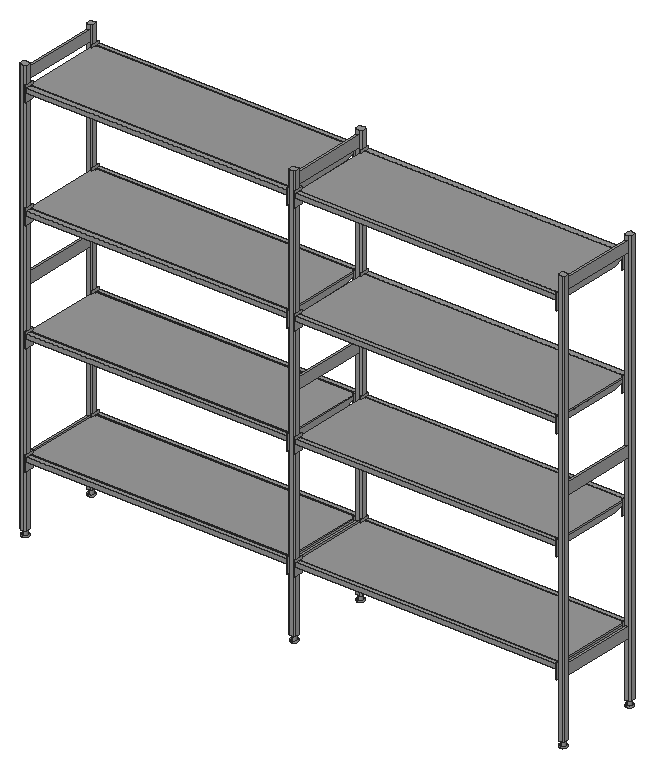
Revit family "QF_ELECTROLUXPROFESSIONAL_137025_ALS2224", category Attrezzature speciali, Revit 2020
Family settings
  Quota connettore circolare = Usa diametro
  Tipo di parte = Normale
  Basato su piano di lavoro = No
  Sempre verticale = Sì
  Taglio con vuoti quando caricato = No
  Condiviso = No
  Punto di calcolo locali = No
Parameters (values of type "Standard")
  Weight = 37.00 kg
  Watts = 0 W
  Volts = 0 V
  URL Manufacturer = "https://www.electroluxprofessional.com/"
  URL = "https://www.electroluxprofessional.com/"
  Steam Supply Size = 0 mm
  Steam Supply Minimum Pressure = 0.0 Pa
  Steam Supply Maximum Pressure = 0.0 Pa
  Steam Consumption per Hour = 0
  Refrigeration Suction Line Size = 0.0 mm
  Refrigeration Liquid Line Size = 0.0 mm
  Refrigerant Compressor Remote = yes
  Prospetto di default = 0.0 mm
  Phase = 0
  Modello = "ALS2224"
  Produttore = "Electrolux Professional"
  Length Actual = 2224.0 mm  # constant formula
  Item Number = "137025"
  Hot Water Size = 0 mm
  Height Actual = 1700.0 mm  # constant formula
  HP = "0 HP"
  Gas Size = 0 mm
  Gas KW = 0
  Gas Input Pressure = 0 W
  Direct Waste Size = 0 mm
  Descrizione = "ALUM.LINEAR SHELV.-POLY.TIERS-373X2224MM"
  Depth Actual = 373.0 mm  # constant formula
  Cycle = 0 Hz
  Condensate Return Size = 0 mm
  Compressed Air Volume = 0.0 L/s
  Compressed Air Size = 0 mm
  Compressed Air Pressure = 0.0 Pa
  Cold Water Size = 0 mm
  Accessory = yes
Reference planes
  plane 1: z = 0
  plane 2 "CenterLeft": x = -31
  plane 3 "LEFT": x = -417
  plane 4 "BACK": y = 23
  plane 5 "FRONT": y = -350
  plane 6 "TOP": z = 1700
  plane 7: x = -385
  plane 8: x = 677
  plane 9 "Center (Front/Back)": y = -163.5
  plane 10: y = -8.5
  plane 11: y = -318.5
  plane 12 "FEET": z = 25
  plane 13: z = 275
  plane 14: z = 725
  plane 15: z = 1175
  plane 16: z = 1625
  plane 17 "CXLeft": x = -403
  plane 18 "Center (Left/Right)": x = 695
  plane 19: y = 5.5
  plane 20 "CYBack": y = 5.5
  plane 21 "CYFront": y = -332.5
  plane 22 "RIGHT": x = 1807
  plane 23: x = 1775
  plane 24 "CXRight": x = 1793
  plane 25: x = 713
Forms (mm)
  Extrusion 1, solid, material "QF_Aluminum"
    sketch origin (-417, 0, -4.006) x (0, 1, 0) y (0, 0, 1)
      loop
        line (-12, 1637.003) -> (4, 1637.003) -> (4, 1655) -> (2.007, 1655) -> (2.007, 1648.501) -> (-329, 1648.501) -> (-329, 1655) -> (-331, 1655) -> (-331, 1637.003) -> (-315, 1637.003) -> (-281, 1625) -> (-46, 1625) -> (-12, 1637.003)
      loop
        line (-12, 1187.003) -> (4, 1187.003) -> (4, 1205) -> (2.007, 1205) -> (2.007, 1198.501) -> (-329, 1198.501) -> (-329, 1205) -> (-331, 1205) -> (-331, 1187.003) -> (-315, 1187.003) -> (-281, 1175) -> (-46, 1175) -> (-12, 1187.003)
      loop
        line (-12, 737.003) -> (4, 737.003) -> (4, 755) -> (2.007, 755) -> (2.007, 748.501) -> (-329, 748.501) -> (-329, 755) -> (-331, 755) -> (-331, 737.003) -> (-315, 737.003) -> (-281, 725) -> (-46, 725) -> (-12, 737.003)
      loop
        line (-12, 287.003) -> (4, 287.003) -> (4, 305) -> (2.007, 305) -> (2.007, 298.501) -> (-329, 298.501) -> (-329, 305) -> (-331, 305) -> (-331, 287.003) -> (-315, 287.003) -> (-281, 275) -> (-46, 275) -> (-12, 287.003)
    from 37 to 32
  Extrusion 2, solid, material "QF_Aluminum"
    sketch origin (-417, 0, 0) x (0, 1, 0) y (0, 0, 1)
      loop
        line (23, 246.005) -> (23, 307.993) -> (-12.993, 307.993) -> (-12.993, 246.005) -> (23, 246.005)
      loop
        line (-350, 246.005) -> (-314.007, 246.005) -> (-314.007, 307.993) -> (-350, 307.993) -> (-350, 246.005)
      loop
        line (23, 696.005) -> (23, 757.993) -> (-12.993, 757.993) -> (-12.993, 696.005) -> (23, 696.005)
      loop
        line (-350, 696.005) -> (-314.007, 696.005) -> (-314.007, 757.993) -> (-350, 757.993) -> (-350, 696.005)
      loop
        line (23, 1146.005) -> (23, 1207.993) -> (-12.993, 1207.993) -> (-12.993, 1146.005) -> (23, 1146.005)
      loop
        line (-350, 1146.005) -> (-314.007, 1146.005) -> (-314.007, 1207.993) -> (-350, 1207.993) -> (-350, 1146.005)
      loop
        line (23, 1596.005) -> (23, 1657.993) -> (-12.993, 1657.993) -> (-12.993, 1596.005) -> (23, 1596.005)
      loop
        line (-350, 1596.005) -> (-314.007, 1596.005) -> (-314.007, 1657.993) -> (-350, 1657.993) -> (-350, 1596.005)
    from 28 to 32
  Extrusion 3, solid, material "QF_Aluminum"
    sketch origin (-417, 0, 0) x (0, 1, 0) y (0, 0, 1)
      loop
        line (4, 1650.994) -> (4, 1632.998) -> (23, 1632.998) -> (23, 1650.994) -> (4, 1650.994)
      loop
        line (-331, 1650.994) -> (-350, 1650.994) -> (-350, 1632.998) -> (-331, 1632.998) -> (-331, 1650.994)
      loop
        line (4, 1200.994) -> (4, 1182.998) -> (23, 1182.998) -> (23, 1200.994) -> (4, 1200.994)
      loop
        line (-331, 1200.994) -> (-350, 1200.994) -> (-350, 1182.998) -> (-331, 1182.998) -> (-331, 1200.994)
      loop
        line (4, 750.994) -> (4, 732.998) -> (23, 732.998) -> (23, 750.994) -> (4, 750.994)
      loop
        line (-331, 750.994) -> (-350, 750.994) -> (-350, 732.998) -> (-331, 732.998) -> (-331, 750.994)
      loop
        line (4, 300.994) -> (4, 282.998) -> (23, 282.998) -> (23, 300.994) -> (4, 300.994)
      loop
        line (-331, 300.994) -> (-350, 300.994) -> (-350, 282.998) -> (-331, 282.998) -> (-331, 300.994)
    from 32 to 1094
  Extrusion 4, solid, material "QF_Polyethylene"
    sketch origin (-417, 0, 0) x (0, 1, 0) y (0, 0, 1)
      loop
        line (2.007, 1650.994) -> (-329, 1650.994) -> (-329, 1644.496) -> (2.007, 1644.496) -> (2.007, 1650.994)
      loop
        line (2.007, 1200.994) -> (-329, 1200.994) -> (-329, 1194.496) -> (2.007, 1194.496) -> (2.007, 1200.994)
      loop
        line (2.007, 750.994) -> (-329, 750.994) -> (-329, 744.496) -> (2.007, 744.496) -> (2.007, 750.994)
      loop
        line (2.007, 300.994) -> (-329, 300.994) -> (-329, 294.496) -> (2.007, 294.496) -> (2.007, 300.994)
    from 32 to 1094
  Extrusion 5, solid, material "QF_Aluminum"
    sketch origin (1807, 0, 0) x (0, 1, 0) y (0, 0, 1)
      loop
        line (4, 1650.994) -> (4, 1632.998) -> (23, 1632.998) -> (23, 1650.994) -> (4, 1650.994)
      loop
        line (-331, 1650.994) -> (-350, 1650.994) -> (-350, 1632.998) -> (-331, 1632.998) -> (-331, 1650.994)
      loop
        line (4, 1200.994) -> (4, 1182.998) -> (23, 1182.998) -> (23, 1200.994) -> (4, 1200.994)
      loop
        line (-331, 1200.994) -> (-350, 1200.994) -> (-350, 1182.998) -> (-331, 1182.998) -> (-331, 1200.994)
      loop
        line (4, 750.994) -> (4, 732.998) -> (23, 732.998) -> (23, 750.994) -> (4, 750.994)
      loop
        line (-331, 750.994) -> (-350, 750.994) -> (-350, 732.998) -> (-331, 732.998) -> (-331, 750.994)
      loop
        line (4, 300.994) -> (4, 282.998) -> (23, 282.998) -> (23, 300.994) -> (4, 300.994)
      loop
        line (-331, 300.994) -> (-350, 300.994) -> (-350, 282.998) -> (-331, 282.998) -> (-331, 300.994)
    from -32 to -1094
  Extrusion 6, solid, material "QF_Polyethylene"
    sketch origin (1807, 0, 0) x (0, 1, 0) y (0, 0, 1)
      loop
        line (2.007, 1650.994) -> (-329, 1650.994) -> (-329, 1644.496) -> (2.007, 1644.496) -> (2.007, 1650.994)
      loop
        line (2.007, 1200.994) -> (-329, 1200.994) -> (-329, 1194.496) -> (2.007, 1194.496) -> (2.007, 1200.994)
      loop
        line (2.007, 750.994) -> (-329, 750.994) -> (-329, 744.496) -> (2.007, 744.496) -> (2.007, 750.994)
      loop
        line (2.007, 300.994) -> (-329, 300.994) -> (-329, 294.496) -> (2.007, 294.496) -> (2.007, 300.994)
    from -32 to -1094
Lines and regions (mm)
  symbolic lines
    curve 1: line (677, 4, 1700) -> (-385, 4, 1700)
    curve 2: line (-408, -8.5, 1700) -> (-408, -318.5, 1700)
    curve 3: line (-398, -318.5, 1700) -> (-398, -8.5, 1700)
    curve 4: line (-389, 23, 1700) -> (681, 23, 1700)
    curve 5: line (-385, -350, 1700) -> (677, -350, 1700)
    curve 6: line (709, 23, 1700) -> (1779, 23, 1700)
    curve 7: line (709, -350, 1700) -> (1779, -350, 1700)
    curve 8: line (-385, -331, 1700) -> (677, -331, 1700)
    curve 9: line (713, -331, 1700) -> (1775, -331, 1700)
    curve 10: line (713, 4, 1700) -> (1775, 4, 1700)
    curve 11: line (1775, -12.993, 1700) -> (1775, -314.007, 1700)
    curve 12: line (677, -12.993, 1700) -> (677, -314.007, 1700)
    curve 13: line (713, -314.007, 1700) -> (713, -12.993, 1700)
    curve 14: line (-385, -12.993, 1700) -> (-385, -314.007, 1700)
Dimensions and locks
  plane 3 "LEFT" to plane 2 "CenterLeft" = 386.0 mm
  locked: plane 6 "TOP" to level at 1700
  locked: plane 4 "BACK" to plane 5 "FRONT" at 373
  locked: plane 7 to plane 8 at 1062
  locked: plane 10 to plane 11 at 310
  equal spacing: plane 10, plane 9 "Center (Front/Back)", plane 11
  equal spacing: plane 4 "BACK", plane 9 "Center (Front/Back)", plane 5 "FRONT"
  plane 12 "FEET" to level = 25.0 mm
  plane 6 "TOP" to plane 12 "FEET" = 1675.0 mm
  plane 13 to plane 12 "FEET" = 250.0 mm
  plane 14 to plane 13 = 450.0 mm
  plane 15 to plane 14 = 450.0 mm
  plane 16 to plane 15 = 450.0 mm
  locked: plane 4 "BACK" to plane 20 "CYBack" at 17.5
  locked: plane 21 "CYFront" to plane 5 "FRONT" at 17.5
  locked: plane 4 "BACK" to Extrusion 1 at 19
  locked: Extrusion 1 to plane 5 "FRONT" at 19
  Extrusion 1 sketch curve to plane 21 "CYFront" = 3.5 mm
  plane 3 "LEFT" to plane 22 "RIGHT" = 2224.0 mm
  locked: plane 25 to plane 23 at 1062
  locked: plane 8 to plane 18 "Center (Left/Right)" at 18
  locked: plane 18 "Center (Left/Right)" to plane 25 at 18
  locked: plane 3 "LEFT" to plane 7 at 32
  locked: plane 24 "CXRight" to plane 22 "RIGHT" at 14
  aligned and locked: level to plane 1
  aligned and locked: plane 7 to Extrusion 1
  aligned and locked: Extrusion 2 to plane 7
  aligned and locked: plane 7 to Extrusion 4
  aligned and locked: Extrusion 4 to plane 8
  aligned and locked: plane 7 to Extrusion 3
  aligned and locked: Extrusion 3 to plane 8
  aligned and locked: Extrusion 3 sketch curve to Extrusion 1
  aligned and locked: Extrusion 1 to Extrusion 3 sketch curve
  aligned and locked: Extrusion 3 sketch curve to Extrusion 3 sketch curve  (x2)
  aligned and locked: Extrusion 1 sketch curve to Extrusion 1 sketch curve  (x3)
  aligned and locked: Extrusion 4 sketch curve to Extrusion 1  (x4)
  aligned and locked: Extrusion 5 sketch curve to Extrusion 5 sketch curve  (x2)
  aligned and locked: Extrusion 5 to plane 25
  aligned and locked: Extrusion 6 to plane 25
  aligned and locked: plane 18 "Center (Left/Right)" to nested 3
  aligned and locked: plane 17 "CXLeft" to nested 1
  aligned and locked: Extrusion 3 to plane 7  (x3)
  aligned and locked: plane 8 to Extrusion 3  (x4)
  aligned and locked: plane 25 to Extrusion 5  (x4)
  aligned and locked: plane 25 to Extrusion 6  (x4)
  aligned and locked: plane 8 to Extrusion 4  (x4)
  aligned and locked: plane 24 "CXRight" to nested 2
  aligned and locked: Extrusion 5 to plane 23
  aligned and locked: Extrusion 6 to plane 23
  aligned and locked: plane 23 to Extrusion 5  (x3)
  aligned and locked: plane 23 to Extrusion 6  (x3)
Automatic sketch dimensions
  plane 21 "CYFront" to Extrusion 1 sketch curve = 1.5 mm  (x4)
  plane 11 to Extrusion 1 sketch curve = 3.5 mm  (x4)
  Extrusion 1 sketch curve to plane 13 = 4.006 mm
  Extrusion 1 sketch curve to Extrusion 1 sketch curve = 34.0 mm  (x4)
  Extrusion 1 sketch curve to plane 14 = 4.006 mm
  Extrusion 1 sketch curve to plane 15 = 4.006 mm
  Extrusion 1 sketch curve to plane 16 = 4.006 mm
  Extrusion 1 sketch curve to plane 10 = 37.5 mm  (x4)
  Extrusion 1 sketch curve to plane 10 = 3.5 mm  (x4)
  plane 19 to Extrusion 1 sketch curve = 3.493 mm  (x4)
  plane 19 to Extrusion 1 sketch curve = 1.5 mm  (x4)
  plane 13 to Extrusion 1 sketch curve = 7.998 mm  (x2)
  Extrusion 1 sketch curve to Extrusion 1 sketch curve = 11.498 mm  (x4)
  Extrusion 1 sketch curve to Extrusion 1 sketch curve = 6.499 mm  (x8)
  plane 14 to Extrusion 1 sketch curve = 7.998 mm  (x2)
  plane 15 to Extrusion 1 sketch curve = 7.998 mm  (x2)
  plane 16 to Extrusion 1 sketch curve = 7.998 mm  (x2)
  Extrusion 2 sketch curve to plane 5 "FRONT" = 0.0 mm  (x4)
  Extrusion 2 sketch curve to plane 4 "BACK" = 0.0 mm  (x4)
  plane 11 to Extrusion 2 sketch curve = 4.493 mm  (x4)
  Extrusion 2 sketch curve to plane 10 = 4.493 mm  (x4)
  Extrusion 2 sketch curve to plane 13 = 28.995 mm  (x2)
  plane 13 to Extrusion 2 sketch curve = 32.993 mm  (x2)
  Extrusion 2 sketch curve to plane 14 = 28.995 mm  (x2)
  plane 14 to Extrusion 2 sketch curve = 32.993 mm  (x2)
  Extrusion 2 sketch curve to plane 15 = 28.995 mm  (x2)
  plane 15 to Extrusion 2 sketch curve = 32.993 mm  (x2)
  Extrusion 2 sketch curve to plane 16 = 28.995 mm  (x2)
  plane 16 to Extrusion 2 sketch curve = 32.993 mm  (x2)
  Extrusion 3 sketch curve to plane 5 "FRONT" = 0.0 mm  (x4)
  Extrusion 3 sketch curve to plane 4 "BACK" = 0.0 mm  (x4)
  plane 19 to Extrusion 3 sketch curve = 1.5 mm  (x4)
  plane 13 to Extrusion 3 sketch curve = 7.998 mm  (x2)
  Extrusion 3 sketch curve to Extrusion 3 sketch curve = 17.997 mm  (x8)
  plane 14 to Extrusion 3 sketch curve = 7.998 mm  (x2)
  plane 15 to Extrusion 3 sketch curve = 7.998 mm  (x2)
  plane 16 to Extrusion 3 sketch curve = 7.998 mm  (x2)
  plane 19 to Extrusion 4 sketch curve = 3.493 mm  (x4)
  plane 13 to Extrusion 4 sketch curve = 19.496 mm
  Extrusion 4 sketch curve to Extrusion 4 sketch curve = 6.499 mm  (x4)
  plane 14 to Extrusion 4 sketch curve = 19.496 mm
  plane 15 to Extrusion 4 sketch curve = 19.496 mm
  plane 16 to Extrusion 4 sketch curve = 19.496 mm
  Extrusion 5 sketch curve to plane 5 "FRONT" = 0.0 mm  (x4)
  Extrusion 5 sketch curve to plane 4 "BACK" = 0.0 mm  (x4)
  plane 21 "CYFront" to Extrusion 5 sketch curve = 1.5 mm  (x2)
  plane 19 to Extrusion 5 sketch curve = 1.5 mm  (x4)
  plane 13 to Extrusion 5 sketch curve = 7.998 mm  (x2)
  Extrusion 5 sketch curve to Extrusion 5 sketch curve = 17.997 mm  (x8)
  plane 14 to Extrusion 5 sketch curve = 7.998 mm  (x2)
  plane 15 to Extrusion 5 sketch curve = 7.998 mm  (x2)
  plane 16 to Extrusion 5 sketch curve = 7.998 mm  (x2)
  plane 21 "CYFront" to Extrusion 6 sketch curve = 3.5 mm  (x4)
  plane 19 to Extrusion 6 sketch curve = 3.493 mm  (x4)
  plane 13 to Extrusion 6 sketch curve = 19.496 mm
  Extrusion 6 sketch curve to Extrusion 6 sketch curve = 6.499 mm  (x4)
  plane 14 to Extrusion 6 sketch curve = 19.496 mm
  plane 15 to Extrusion 6 sketch curve = 19.496 mm
  plane 16 to Extrusion 6 sketch curve = 19.496 mm
  curve 7 to plane 5 "FRONT" = 0.0 mm
  curve 5 to plane 5 "FRONT" = 0.0 mm
  curve 8 to plane 8 = 0.0 mm
  curve 9 to plane 25 = 0.0 mm
  curve 9 to plane 23 = 0.0 mm
  curve 8 to plane 7 = 0.0 mm
  curve 2 to plane 11 = 0.0 mm
  curve 3 to plane 11 = 0.0 mm
  curve 14 to plane 7 = 0.0 mm
  curve 13 to plane 25 = 0.0 mm
  curve 12 to plane 8 = 0.0 mm
  curve 11 to plane 23 = 0.0 mm
  curve 3 to plane 10 = 0.0 mm
  curve 2 to plane 10 = 0.0 mm
  curve 1 to plane 8 = 0.0 mm
  curve 1 to plane 7 = 0.0 mm
  curve 10 to plane 23 = 0.0 mm
  curve 10 to plane 25 = 0.0 mm
  curve 4 to plane 4 "BACK" = 0.0 mm
  curve 6 to plane 4 "BACK" = 0.0 mm
  curve 5 to plane 8 = 0.0 mm
  curve 5 to plane 7 = 0.0 mm
  plane 21 "CYFront" to curve 8 = 1.5 mm
  plane 21 "CYFront" to curve 9 = 1.5 mm
  plane 11 to curve 14 = 4.493 mm
  plane 11 to curve 13 = 4.493 mm
  plane 11 to curve 12 = 4.493 mm
  plane 11 to curve 11 = 4.493 mm
  curve 14 to plane 10 = 4.493 mm
  curve 13 to plane 10 = 4.493 mm
  curve 12 to plane 10 = 4.493 mm
  curve 11 to plane 10 = 4.493 mm
  plane 19 to curve 1 = 1.5 mm
  plane 19 to curve 10 = 1.5 mm
  curve 6 to plane 23 = 4.0 mm
  curve 7 to plane 23 = 4.0 mm
  curve 6 to plane 25 = 4.0 mm
  curve 7 to plane 25 = 4.0 mm
  curve 4 to plane 8 = 4.0 mm
  plane 7 to curve 4 = 4.0 mm
  plane 17 "CXLeft" to curve 3 = 5.0 mm
  curve 2 to plane 17 "CXLeft" = 5.0 mm
Nested families
  nested 1: "WT_Anta373" at (0, 0, 0), type "WT_Anta373"
  nested 2: "WT_Anta373" at (1390, 0, 0) x (-1, 0, 0) z (0, 0, 1), type "WT_Anta373"
  nested 3: "WT_Anta373Center" at (1098, 0, 0), type "WT_Anta373Center"
Definition of nested family "WT_Anta373"
  Parameters
    WidthLeft = A + 64.0 mm  # 772.0 mm
    Width = 1606.0 mm
    Right = WidthLeft / 2  # 386.0 mm
    Default Elevation = 0.0 mm
    Left = -WidthLeft / 2  # -386.0 mm
    Height = 1725.0 mm
    FEET = 25.0 mm
    E = 0.0 mm
    Dint = Depth - 63.0 mm  # 310.0 mm
    Dext = Depth - 8.0 mm  # 365.0 mm
    Depth = 373.0 mm
    DX = (WidthLeft - A) / 2  # 32.0 mm
    B = 798.0 mm
    A = 708.0 mm
  Reference planes
    plane 1: z = 0
    plane 2 "LEFT": x = -417
    plane 3 "BACK": y = 23
    plane 4 "FRONT": y = -350
    plane 5 "TOP": z = 1725
    plane 6 "Center (Front/Back)": y = -163.5
    plane 7: y = -8.5
    plane 8: y = -318.5
    plane 9 "FEET": z = 25
    plane 10: z = 275
    plane 11: z = 725
    plane 12: z = 1175
    plane 13: z = 1625
    plane 14 "CXLeft": x = -403
    plane 15: y = 5.5
    plane 16 "CYBack": y = 5.5
    plane 17 "CYFront": y = -332.5
    plane 18: x = -385.031
    plane 19: x = -380.031
  Forms (mm)
    Extrusion 1, solid
      sketch origin (0, 0, 0) x (1, 0, 0) y (0, 1, 0)
        loop
          line (-417, 13.246) -> (-417, -2.246) -> (-410.746, -8.5) -> (-395.254, -8.5) -> (-389, -2.246) -> (-389, 13.246) -> (-395.254, 19.5) -> (-410.746, 19.5) -> (-417, 13.246)
      from 1725 to 25
    Extrusion 2, solid
      sketch origin (-417, 0, 0) x (0, 1, 0) y (0, 0, 1)
        loop
          line (23, 246.005) -> (23, 307.993) -> (-12.993, 307.993) -> (-12.993, 246.005) -> (23, 246.005)
        loop
          line (-350, 246.005) -> (-314.007, 246.005) -> (-314.007, 307.993) -> (-350, 307.993) -> (-350, 246.005)
        loop
          line (23, 696.005) -> (23, 757.993) -> (-12.993, 757.993) -> (-12.993, 696.005) -> (23, 696.005)
        loop
          line (-350, 696.005) -> (-314.007, 696.005) -> (-314.007, 757.993) -> (-350, 757.993) -> (-350, 696.005)
        loop
          line (23, 1146.005) -> (23, 1207.993) -> (-12.993, 1207.993) -> (-12.993, 1146.005) -> (23, 1146.005)
        loop
          line (-350, 1146.005) -> (-314.007, 1146.005) -> (-314.007, 1207.993) -> (-350, 1207.993) -> (-350, 1146.005)
        loop
          line (23, 1596.005) -> (23, 1657.993) -> (-12.993, 1657.993) -> (-12.993, 1596.005) -> (23, 1596.005)
        loop
          line (-350, 1596.005) -> (-314.007, 1596.005) -> (-314.007, 1657.993) -> (-350, 1657.993) -> (-350, 1596.005)
      from 28 to 32
    Revolve 3, solid
      sketch origin (-403, 0, 0) x (0, 1, 0) y (0, 0, 1)
        loop
          line (5.5, 25) -> (5.5, 0) -> (19, 0) -> (19, 5) -> (14, 5) -> (14, 25) -> (5.5, 25)
        axis (5.5, 25) -> (5.5, 0)
      angle from 0 to 360
    Extrusion 4, solid
      sketch origin (-403, 0, 0) x (0, 1, 0) y (0, 0, 1)
        loop
          line (-8.5, 912.382) -> (-8.5, 957.374) -> (-318.5, 957.374) -> (-318.5, 912.382) -> (-8.5, 912.382)
        loop
          line (-8.5, 1662.244) -> (-8.5, 1707.236) -> (-318.5, 1707.236) -> (-318.5, 1662.244) -> (-8.5, 1662.244)
      from -5 to 5
    Revolve 5, solid
      sketch origin (-403, -627, 0) x (0, -1, 0) y (0, 0, 1)
        loop
          line (-294.5, 25) -> (-294.5, 0) -> (-281, 0) -> (-281, 5) -> (-286, 5) -> (-286, 25) -> (-294.5, 25)
        axis (-294.5, 25) -> (-294.5, 0)
      angle from 0 to 360
    Extrusion 6, solid
      sketch origin (0, -627, 0) x (1, 0, 0) y (0, 1, 0)
        loop
          line (-417, 286.754) -> (-410.746, 280.5) -> (-395.254, 280.5) -> (-389, 286.754) -> (-389, 302.246) -> (-395.254, 308.5) -> (-410.746, 308.5) -> (-417, 302.246) -> (-417, 286.754)
      from 1725 to 25
    Extrusion 7, solid
      sketch origin (-417.031, -0.022, 0) x (0, 1, 0) y (0, 0, -1)
        loop
          line (-12, -1632.998) -> (-46, -1620.994) -> (-281, -1620.994) -> (-315, -1632.998) -> (-331, -1632.998) -> (-331, -1650.994) -> (-329, -1650.994) -> (-329, -1644.496) -> (2.007, -1644.496) -> (2.007, -1650.994) -> (4, -1650.994) -> (4, -1632.998) -> (-12, -1632.998)
        loop
          line (-12, -1182.998) -> (-46, -1170.994) -> (-281, -1170.994) -> (-315, -1182.998) -> (-331, -1182.998) -> (-331, -1200.994) -> (-329, -1200.994) -> (-329, -1194.496) -> (2.007, -1194.496) -> (2.007, -1200.994) -> (4, -1200.994) -> (4, -1182.998) -> (-12, -1182.998)
        loop
          line (-12, -732.998) -> (-46, -720.994) -> (-281, -720.994) -> (-315, -732.998) -> (-331, -732.998) -> (-331, -750.994) -> (-329, -750.994) -> (-329, -744.496) -> (2.007, -744.496) -> (2.007, -750.994) -> (4, -750.994) -> (4, -732.998) -> (-12, -732.998)
        loop
          line (-12, -282.998) -> (-46, -270.994) -> (-281, -270.994) -> (-315, -282.998) -> (-331, -282.998) -> (-331, -300.994) -> (-329, -300.994) -> (-329, -294.496) -> (2.007, -294.496) -> (2.007, -300.994) -> (4, -300.994) -> (4, -282.998) -> (-12, -282.998)
      from -32 to -37
    Extrusion 8, solid
      sketch origin (-403, 0, -659.878) x (0, 1, 0) y (0, 0, 1)
        loop
          line (-8.5, 912.382) -> (-8.5, 957.374) -> (-318.5, 957.374) -> (-318.5, 912.382) -> (-8.5, 912.382)
        loop
          line (-8.5, 1572.382) -> (-8.5, 1617.374) -> (-318.5, 1617.374) -> (-318.5, 1572.382) -> (-8.5, 1572.382)
        loop
          line (-8.5, 2322.382) -> (-8.5, 2367.374) -> (-318.5, 2367.374) -> (-318.5, 2322.382) -> (-8.5, 2322.382)
      from -5 to 5
  Lines and regions (mm)
    symbolic lines
      curve 1: line (-408, -8.5, 1725) -> (-408, -318.5, 1725)
      curve 2: line (-398, -318.5, 1725) -> (-398, -8.5, 1725)
      curve 3: line (-395.254, -8.5, 1725) -> (-410.746, -8.5, 1725)
      curve 4: line (-417, -2.246, 1725) -> (-410.746, -8.5, 1725)
      curve 5: line (-417, 13.246, 1725) -> (-417, -2.246, 1725)
      curve 6: line (-410.746, 19.5, 1725) -> (-417, 13.246, 1725)
      curve 7: line (-395.254, 19.5, 1725) -> (-410.746, 19.5, 1725)
      curve 8: line (-389, 13.246, 1725) -> (-395.254, 19.5, 1725)
      curve 9: line (-395.254, -8.5, 1725) -> (-389, -2.246, 1725)
      curve 10: line (-395.254, -318.5, 1725) -> (-410.746, -318.5, 1725)
      curve 11: line (-417, -324.754, 1725) -> (-410.746, -318.5, 1725)
      curve 12: line (-410.746, -346.5, 1725) -> (-417, -340.246, 1725)
      curve 13: line (-395.254, -346.5, 1725) -> (-410.746, -346.5, 1725)
      curve 14: line (-389, -340.246, 1725) -> (-395.254, -346.5, 1725)
      curve 15: line (-395.254, -318.5, 1725) -> (-389, -324.754, 1725)
      curve 16: line (-389, -350, 1725) -> (-389, -314.007, 1725)
      curve 17: line (-389, -314.007, 1725) -> (-385, -314.007, 1725)
      curve 18: line (-389, 23, 1725) -> (-389, -12.993, 1725)
      curve 19: line (-389, -12.993, 1725) -> (-385, -12.993, 1725)
      curve 20: line (-417, -324.754, 1725) -> (-417, -340.246, 1725)
      curve 21: line (-385, -350, 1725) -> (-385, -314.007, 1725)
      curve 22: line (-385, -350, 1725) -> (-389, -350, 1725)
      curve 23: line (-385, 23, 1725) -> (-389, 23, 1725)
      curve 24: line (-385, -12.993, 1725) -> (-385, 23, 1725)
      curve 25: line (-385.031, -13.016, 1725) -> (-385.031, -314.029, 1725)
  Dimensions and locks
    "Height": plane 5 "TOP" to level
    "Depth": plane 3 "BACK" to plane 4 "FRONT"
    "Dint": plane 7 to plane 8
    equal spacing: plane 7, plane 6 "Center (Front/Back)", plane 8
    equal spacing: plane 3 "BACK", plane 6 "Center (Front/Back)", plane 4 "FRONT"
    plane 9 "FEET" to level = 25.0 mm
    plane 5 "TOP" to plane 9 "FEET" = 1700.0 mm
    plane 10 to plane 9 "FEET" = 250.0 mm
    plane 11 to plane 10 = 450.0 mm
    plane 12 to plane 11 = 450.0 mm
    plane 13 to plane 12 = 450.0 mm
    locked: plane 2 "LEFT" to plane 14 "CXLeft" at 14
    locked: plane 3 "BACK" to plane 16 "CYBack" at 17.5
    locked: plane 17 "CYFront" to plane 4 "FRONT" at 17.5
    locked: Revolve 3 sketch curve to Revolve 3 sketch curve at 8.5
    locked: Revolve 3 sketch curve to plane 16 "CYBack" at 13.5
    locked: Revolve 5 sketch curve to Revolve 5 sketch curve at 8.5
    aligned and locked: level to plane 1
    aligned and locked: curve 20 to Extrusion 6
    aligned and locked: plane 5 "TOP" to Extrusion 1
    aligned and locked: plane 5 "TOP" to Extrusion 6
    aligned and locked: Extrusion 7 sketch curve to Extrusion 7 sketch curve  (x3)
  Automatic sketch dimensions
    curve 16 to plane 4 "FRONT" = 0.0 mm
    curve 11 to plane 8 = 0.0 mm
    curve 9 to plane 7 = 0.0 mm
    curve 5 to plane 2 "LEFT" = 0.0 mm
    curve 23 to plane 3 "BACK" = 0.0 mm
    plane 4 "FRONT" to curve 13 = 3.5 mm
    curve 20 to plane 17 "CYFront" = 7.746 mm
    curve 20 to plane 8 = 6.254 mm
    plane 8 to curve 16 = 4.493 mm
    curve 24 to plane 18 = 0.031 mm
    curve 24 to plane 7 = 4.493 mm
    plane 7 to curve 5 = 6.254 mm
    curve 5 to plane 15 = 7.746 mm
    curve 6 to plane 3 "BACK" = 3.5 mm
    curve 21 to plane 18 = 0.031 mm
    plane 18 to curve 23 = 3.969 mm
    plane 18 to curve 16 = 3.969 mm
    curve 18 to curve 8 = 6.254 mm
    curve 18 to curve 3 = 6.254 mm
    curve 16 to curve 13 = 6.254 mm
    curve 16 to curve 15 = 6.254 mm
    plane 2 "LEFT" to curve 10 = 6.254 mm
    plane 2 "LEFT" to curve 7 = 6.254 mm
    plane 2 "LEFT" to curve 12 = 6.254 mm
    plane 2 "LEFT" to curve 3 = 6.254 mm
    curve 14 to plane 17 "CYFront" = 7.746 mm
    curve 15 to plane 8 = 6.254 mm
    plane 7 to curve 9 = 6.254 mm
    curve 8 to plane 15 = 7.746 mm
    curve 3 to curve 2 = 2.746 mm
    curve 1 to curve 10 = 2.746 mm
    Extrusion 1 sketch curve to plane 2 "LEFT" = 0.0 mm
    Extrusion 1 sketch curve to plane 7 = 0.0 mm
    plane 2 "LEFT" to Extrusion 1 sketch curve = 6.254 mm  (x2)
    plane 14 "CXLeft" to Extrusion 1 sketch curve = 7.746 mm  (x2)
    Extrusion 1 sketch curve to plane 3 "BACK" = 3.5 mm
    plane 18 to Extrusion 1 sketch curve = 3.969 mm
    plane 7 to Extrusion 1 sketch curve = 6.254 mm  (x2)
    Extrusion 1 sketch curve to plane 15 = 7.746 mm  (x2)
    Extrusion 2 sketch curve to plane 4 "FRONT" = 0.0 mm  (x4)
    Extrusion 2 sketch curve to plane 3 "BACK" = 0.0 mm  (x4)
    plane 8 to Extrusion 2 sketch curve = 4.493 mm  (x4)
    Extrusion 2 sketch curve to plane 7 = 4.493 mm  (x4)
    Extrusion 2 sketch curve to plane 10 = 28.995 mm  (x2)
    plane 10 to Extrusion 2 sketch curve = 32.993 mm  (x2)
    Extrusion 2 sketch curve to plane 11 = 28.995 mm  (x2)
    plane 11 to Extrusion 2 sketch curve = 32.993 mm  (x2)
    Extrusion 2 sketch curve to plane 12 = 28.995 mm  (x2)
    plane 12 to Extrusion 2 sketch curve = 32.993 mm  (x2)
    Extrusion 2 sketch curve to plane 13 = 28.995 mm  (x2)
    plane 13 to Extrusion 2 sketch curve = 32.993 mm  (x2)
    Revolve 3 sketch curve to plane 9 "FEET" = 0.0 mm  (x2)
    Revolve 3 sketch curve to plane 15 = 0.0 mm  (x2)
    Revolve 3 sketch curve to level = 0.0 mm
    level to Revolve 3 sketch curve = 5.0 mm
    Revolve 3 sketch curve to Revolve 3 sketch curve = 11.655 mm
    Extrusion 4 sketch curve to plane 8 = 0.0 mm  (x2)
    Extrusion 4 sketch curve to plane 7 = 0.0 mm  (x2)
    plane 11 to Extrusion 4 sketch curve = 187.382 mm
    Extrusion 4 sketch curve to Extrusion 4 sketch curve = 44.992 mm
    plane 13 to Extrusion 4 sketch curve = 37.244 mm
    Extrusion 4 sketch curve to plane 5 "TOP" = 17.764 mm
    Revolve 5 sketch curve to plane 9 "FEET" = 0.0 mm  (x2)
    Revolve 5 sketch curve to plane 17 "CYFront" = 0.0 mm  (x2)
    Revolve 5 sketch curve to level = 0.0 mm
    Revolve 5 sketch curve to plane 4 "FRONT" = 4.0 mm
    Revolve 5 sketch curve to Revolve 5 sketch curve = 5.0 mm
    level to Revolve 5 sketch curve = 11.655 mm
    Extrusion 6 sketch curve to plane 2 "LEFT" = 0.0 mm
    Extrusion 6 sketch curve to plane 8 = 0.0 mm
    Extrusion 6 sketch curve to plane 2 "LEFT" = 6.254 mm  (x2)
    Extrusion 6 sketch curve to plane 14 "CXLeft" = 7.746 mm  (x2)
    Extrusion 6 sketch curve to plane 4 "FRONT" = 3.5 mm
    Extrusion 6 sketch curve to plane 18 = 3.969 mm
    plane 8 to Extrusion 6 sketch curve = 6.254 mm  (x2)
    plane 17 "CYFront" to Extrusion 6 sketch curve = 7.746 mm  (x2)
    plane 17 "CYFront" to Extrusion 7 sketch curve = 1.478 mm  (x4)
    Extrusion 7 sketch curve to Extrusion 7 sketch curve = 2.0 mm
    plane 8 to Extrusion 7 sketch curve = 3.478 mm  (x4)
    Extrusion 7 sketch curve to plane 10 = 4.006 mm
    Extrusion 7 sketch curve to Extrusion 7 sketch curve = 34.0 mm  (x4)
    Extrusion 7 sketch curve to plane 11 = 4.006 mm
    Extrusion 7 sketch curve to plane 12 = 4.006 mm
    Extrusion 7 sketch curve to plane 13 = 4.006 mm
    Extrusion 7 sketch curve to plane 7 = 37.522 mm  (x4)
    Extrusion 7 sketch curve to plane 7 = 3.522 mm  (x4)
    plane 15 to Extrusion 7 sketch curve = 3.516 mm  (x4)
    plane 15 to Extrusion 7 sketch curve = 1.522 mm  (x4)
    plane 13 to Extrusion 7 sketch curve = 7.998 mm  (x2)
    Extrusion 7 sketch curve to Extrusion 7 sketch curve = 11.498 mm
    Extrusion 7 sketch curve to Extrusion 7 sketch curve = 6.499 mm  (x5)
    plane 12 to Extrusion 7 sketch curve = 25.994 mm  (x2)
    plane 12 to Extrusion 7 sketch curve = 7.998 mm  (x2)
    plane 11 to Extrusion 7 sketch curve = 25.994 mm  (x2)
    plane 11 to Extrusion 7 sketch curve = 7.998 mm  (x2)
    plane 10 to Extrusion 7 sketch curve = 25.994 mm  (x2)
    plane 10 to Extrusion 7 sketch curve = 7.998 mm  (x2)
    curve 25 to plane 18 = 0.0 mm
    plane 8 to curve 25 = 4.471 mm
    curve 25 to plane 7 = 4.516 mm
    Extrusion 8 sketch curve to plane 8 = 0.0 mm  (x3)
    Extrusion 8 sketch curve to plane 7 = 0.0 mm  (x3)
    Extrusion 8 sketch curve to plane 10 = 22.496 mm
    plane 10 to Extrusion 8 sketch curve = 22.496 mm
    plane 11 to Extrusion 8 sketch curve = 187.504 mm
    Extrusion 8 sketch curve to Extrusion 8 sketch curve = 44.992 mm
    plane 13 to Extrusion 8 sketch curve = 37.504 mm
    Extrusion 8 sketch curve to plane 5 "TOP" = 17.504 mm
Definition of nested family "WT_Anta373Center"
  Parameters
    WidthLeft = A + 64.0 mm  # 772.0 mm
    Width = 1606.0 mm
    Right = WidthLeft / 2  # 386.0 mm
    Default Elevation = 0.0 mm
    Left = -WidthLeft / 2  # -386.0 mm
    Height = 1725.0 mm
    FEET = 25.0 mm
    E = 0.0 mm
    Dint = Depth - 63.0 mm  # 310.0 mm
    Dext = Depth - 8.0 mm  # 365.0 mm
    Depth = 373.0 mm
    DX = (WidthLeft - A) / 2  # 32.0 mm
    B = 798.0 mm
    A = 708.0 mm
  Reference planes
    plane 1: z = 0
    plane 2 "L": x = -417
    plane 3 "BACK": y = 23
    plane 4 "FRONT": y = -350
    plane 5 "TOP": z = 1725
    plane 6 "Center (Front/Back)": y = -163.5
    plane 7: y = -8.5
    plane 8: y = -318.5
    plane 9 "FEET": z = 25
    plane 10: z = 275
    plane 11: z = 725
    plane 12: z = 1175
    plane 13: z = 1625
    plane 14 "CXLeft": x = -403
    plane 15: y = 5.5
    plane 16 "CYBack": y = 5.5
    plane 17 "CYFront": y = -332.5
    plane 18: x = -385.031
    plane 19 "RIGHT": x = -380.031
    plane 20: x = -420.969
    plane 21 "LEFT": x = -425.969
  Forms (mm)
    Extrusion 1, solid
      sketch origin (0, 0, 0) x (1, 0, 0) y (0, 1, 0)
        loop
          line (-417, 13.246) -> (-417, -2.246) -> (-410.746, -8.5) -> (-395.254, -8.5) -> (-389, -2.246) -> (-389, 13.246) -> (-395.254, 19.5) -> (-410.746, 19.5) -> (-417, 13.246)
      from 1725 to 25
    Extrusion 2, solid
      sketch origin (-417, 0, 0) x (0, 1, 0) y (0, 0, 1)
        loop
          line (23, 246.005) -> (23, 307.993) -> (-12.993, 307.993) -> (-12.993, 246.005) -> (23, 246.005)
        loop
          line (-350, 246.005) -> (-314.007, 246.005) -> (-314.007, 307.993) -> (-350, 307.993) -> (-350, 246.005)
        loop
          line (23, 696.005) -> (23, 757.993) -> (-12.993, 757.993) -> (-12.993, 696.005) -> (23, 696.005)
        loop
          line (-350, 696.005) -> (-314.007, 696.005) -> (-314.007, 757.993) -> (-350, 757.993) -> (-350, 696.005)
        loop
          line (23, 1146.005) -> (23, 1207.993) -> (-12.993, 1207.993) -> (-12.993, 1146.005) -> (23, 1146.005)
        loop
          line (-350, 1146.005) -> (-314.007, 1146.005) -> (-314.007, 1207.993) -> (-350, 1207.993) -> (-350, 1146.005)
        loop
          line (23, 1596.005) -> (23, 1657.993) -> (-12.993, 1657.993) -> (-12.993, 1596.005) -> (23, 1596.005)
        loop
          line (-350, 1596.005) -> (-314.007, 1596.005) -> (-314.007, 1657.993) -> (-350, 1657.993) -> (-350, 1596.005)
      from 28 to 32
    Revolve 3, solid
      sketch origin (-403, 0, 0) x (0, 1, 0) y (0, 0, 1)
        loop
          line (5.5, 25) -> (5.5, 0) -> (19, 0) -> (19, 5) -> (14, 5) -> (14, 25) -> (5.5, 25)
        axis (5.5, 25) -> (5.5, 0)
      angle from 0 to 360
    Extrusion 4, solid
      sketch origin (-403, 0, 0) x (0, 1, 0) y (0, 0, 1)
        loop
          line (-8.5, 912.382) -> (-8.5, 957.374) -> (-318.5, 957.374) -> (-318.5, 912.382) -> (-8.5, 912.382)
        loop
          line (-8.5, 1662.244) -> (-8.5, 1707.236) -> (-318.5, 1707.236) -> (-318.5, 1662.244) -> (-8.5, 1662.244)
      from -5 to 5
    Revolve 5, solid
      sketch origin (-403, -627, 0) x (0, -1, 0) y (0, 0, 1)
        loop
          line (-294.5, 25) -> (-294.5, 0) -> (-281, 0) -> (-281, 5) -> (-286, 5) -> (-286, 25) -> (-294.5, 25)
        axis (-294.5, 25) -> (-294.5, 0)
      angle from 0 to 360
    Extrusion 6, solid
      sketch origin (0, -627, 0) x (1, 0, 0) y (0, 1, 0)
        loop
          line (-417, 286.754) -> (-410.746, 280.5) -> (-395.254, 280.5) -> (-389, 286.754) -> (-389, 302.246) -> (-395.254, 308.5) -> (-410.746, 308.5) -> (-417, 302.246) -> (-417, 286.754)
      from 1725 to 25
    Extrusion 7, solid
      sketch origin (-417.031, -0.022, 0) x (0, 1, 0) y (0, 0, -1)
        loop
          line (-12, -1632.998) -> (-46, -1620.994) -> (-281, -1620.994) -> (-315, -1632.998) -> (-331, -1632.998) -> (-331, -1650.994) -> (-329, -1650.994) -> (-329, -1644.496) -> (2.007, -1644.496) -> (2.007, -1650.994) -> (4, -1650.994) -> (4, -1632.998) -> (-12, -1632.998)
        loop
          line (-12, -1182.998) -> (-46, -1170.994) -> (-281, -1170.994) -> (-315, -1182.998) -> (-331, -1182.998) -> (-331, -1200.994) -> (-329, -1200.994) -> (-329, -1194.496) -> (2.007, -1194.496) -> (2.007, -1200.994) -> (4, -1200.994) -> (4, -1182.998) -> (-12, -1182.998)
        loop
          line (-12, -732.998) -> (-46, -720.994) -> (-281, -720.994) -> (-315, -732.998) -> (-331, -732.998) -> (-331, -750.994) -> (-329, -750.994) -> (-329, -744.496) -> (2.007, -744.496) -> (2.007, -750.994) -> (4, -750.994) -> (4, -732.998) -> (-12, -732.998)
        loop
          line (-12, -282.998) -> (-46, -270.994) -> (-281, -270.994) -> (-315, -282.998) -> (-331, -282.998) -> (-331, -300.994) -> (-329, -300.994) -> (-329, -294.496) -> (2.007, -294.496) -> (2.007, -300.994) -> (4, -300.994) -> (4, -282.998) -> (-12, -282.998)
      from -32 to -37
    Extrusion 8, solid
      sketch origin (-403, 0, -659.878) x (0, 1, 0) y (0, 0, 1)
        loop
          line (-8.5, 912.382) -> (-8.5, 957.374) -> (-318.5, 957.374) -> (-318.5, 912.382) -> (-8.5, 912.382)
        loop
          line (-8.5, 1572.382) -> (-8.5, 1617.374) -> (-318.5, 1617.374) -> (-318.5, 1572.382) -> (-8.5, 1572.382)
        loop
          line (-8.5, 2322.382) -> (-8.5, 2367.374) -> (-318.5, 2367.374) -> (-318.5, 2322.382) -> (-8.5, 2322.382)
      from -5 to 5
    Extrusion 9, solid
      sketch origin (-389, 0, 0) x (0, 1, 0) y (0, 0, -1)
        loop
          line (23, -246.005) -> (-12.993, -246.005) -> (-12.993, -307.993) -> (23, -307.993) -> (23, -246.005)
        loop
          line (-350, -246.005) -> (-350, -307.993) -> (-314.007, -307.993) -> (-314.007, -246.005) -> (-350, -246.005)
        loop
          line (23, -696.005) -> (-12.993, -696.005) -> (-12.993, -757.993) -> (23, -757.993) -> (23, -696.005)
        loop
          line (-350, -696.005) -> (-350, -757.993) -> (-314.007, -757.993) -> (-314.007, -696.005) -> (-350, -696.005)
        loop
          line (23, -1146.005) -> (-12.993, -1146.005) -> (-12.993, -1207.993) -> (23, -1207.993) -> (23, -1146.005)
        loop
          line (-350, -1146.005) -> (-350, -1207.993) -> (-314.007, -1207.993) -> (-314.007, -1146.005) -> (-350, -1146.005)
        loop
          line (23, -1596.005) -> (-12.993, -1596.005) -> (-12.993, -1657.993) -> (23, -1657.993) -> (23, -1596.005)
        loop
          line (-350, -1596.005) -> (-350, -1657.993) -> (-314.007, -1657.993) -> (-314.007, -1596.005) -> (-350, -1596.005)
      from 28 to 32
    Extrusion 10, solid
      sketch origin (-388.969, -0.022, 0) x (0, 1, 0) y (0, 0, 1)
        loop
          line (-12, 1632.998) -> (4, 1632.998) -> (4, 1650.994) -> (2.007, 1650.994) -> (2.007, 1644.496) -> (-329, 1644.496) -> (-329, 1650.994) -> (-331, 1650.994) -> (-331, 1632.998) -> (-315, 1632.998) -> (-281, 1620.994) -> (-46, 1620.994) -> (-12, 1632.998)
        loop
          line (-12, 1182.998) -> (4, 1182.998) -> (4, 1200.994) -> (2.007, 1200.994) -> (2.007, 1194.496) -> (-329, 1194.496) -> (-329, 1200.994) -> (-331, 1200.994) -> (-331, 1182.998) -> (-315, 1182.998) -> (-281, 1170.994) -> (-46, 1170.994) -> (-12, 1182.998)
        loop
          line (-12, 732.998) -> (4, 732.998) -> (4, 750.994) -> (2.007, 750.994) -> (2.007, 744.496) -> (-329, 744.496) -> (-329, 750.994) -> (-331, 750.994) -> (-331, 732.998) -> (-315, 732.998) -> (-281, 720.994) -> (-46, 720.994) -> (-12, 732.998)
        loop
          line (-12, 282.998) -> (4, 282.998) -> (4, 300.994) -> (2.007, 300.994) -> (2.007, 294.496) -> (-329, 294.496) -> (-329, 300.994) -> (-331, 300.994) -> (-331, 282.998) -> (-315, 282.998) -> (-281, 270.994) -> (-46, 270.994) -> (-12, 282.998)
      from -32 to -37
  Lines and regions (mm)
    symbolic lines
      curve 1: line (-408, -8.5, 1725) -> (-408, -318.5, 1725)
      curve 2: line (-398, -318.5, 1725) -> (-398, -8.5, 1725)
      curve 3: line (-395.254, -8.5, 1725) -> (-410.746, -8.5, 1725)
      curve 4: line (-417, -2.246, 1725) -> (-410.746, -8.5, 1725)
      curve 5: line (-410.746, 19.5, 1725) -> (-417, 13.246, 1725)
      curve 6: line (-395.254, 19.5, 1725) -> (-410.746, 19.5, 1725)
      curve 7: line (-389, 13.246, 1725) -> (-395.254, 19.5, 1725)
      curve 8: line (-395.254, -8.5, 1725) -> (-389, -2.246, 1725)
      curve 9: line (-395.254, -318.5, 1725) -> (-410.746, -318.5, 1725)
      curve 10: line (-417, -324.754, 1725) -> (-410.746, -318.5, 1725)
      curve 11: line (-410.746, -346.5, 1725) -> (-417, -340.246, 1725)
      curve 12: line (-395.254, -346.5, 1725) -> (-410.746, -346.5, 1725)
      curve 13: line (-389, -340.246, 1725) -> (-395.254, -346.5, 1725)
      curve 14: line (-395.254, -318.5, 1725) -> (-389, -324.754, 1725)
      curve 15: line (-389, -350, 1725) -> (-389, -314.007, 1725)
      curve 16: line (-389, -314.007, 1725) -> (-385, -314.007, 1725)
      curve 17: line (-389, 23, 1725) -> (-389, -12.993, 1725)
      curve 18: line (-389, -12.993, 1725) -> (-385, -12.993, 1725)
      curve 19: line (-385, -350, 1725) -> (-385, -314.007, 1725)
      curve 20: line (-385, -350, 1725) -> (-389, -350, 1725)
      curve 21: line (-385, 23, 1725) -> (-389, 23, 1725)
      curve 22: line (-385, -12.993, 1725) -> (-385, 23, 1725)
      curve 23: line (-385.031, -13.016, 1725) -> (-385.031, -314.029, 1725)
      curve 24: line (-417, -350, 1725) -> (-417, -314.007, 1725)
      curve 25: line (-417, -314.007, 1725) -> (-421, -314.007, 1725)
      curve 26: line (-417, 23, 1725) -> (-417, -12.993, 1725)
      curve 27: line (-417, -12.993, 1725) -> (-421, -12.993, 1725)
      curve 28: line (-421, -350, 1725) -> (-421, -314.007, 1725)
      curve 29: line (-421, -350, 1725) -> (-417, -350, 1725)
      curve 30: line (-421, 23, 1725) -> (-417, 23, 1725)
      curve 31: line (-421, -12.993, 1725) -> (-421, 23, 1725)
      curve 32: line (-420.969, -13.016, 1725) -> (-420.969, -314.029, 1725)
  Dimensions and locks
    "Height": plane 5 "TOP" to level
    "Depth": plane 3 "BACK" to plane 4 "FRONT"
    "Dint": plane 7 to plane 8
    equal spacing: plane 7, plane 6 "Center (Front/Back)", plane 8
    equal spacing: plane 3 "BACK", plane 6 "Center (Front/Back)", plane 4 "FRONT"
    plane 9 "FEET" to level = 25.0 mm
    plane 5 "TOP" to plane 9 "FEET" = 1700.0 mm
    plane 10 to plane 9 "FEET" = 250.0 mm
    plane 11 to plane 10 = 450.0 mm
    plane 12 to plane 11 = 450.0 mm
    plane 13 to plane 12 = 450.0 mm
    locked: plane 3 "BACK" to plane 16 "CYBack" at 17.5
    locked: plane 17 "CYFront" to plane 4 "FRONT" at 17.5
    locked: Revolve 3 sketch curve to Revolve 3 sketch curve at 8.5
    locked: Revolve 3 sketch curve to plane 16 "CYBack" at 13.5
    locked: Revolve 5 sketch curve to Revolve 5 sketch curve at 8.5
    aligned and locked: level to plane 1
    aligned and locked: plane 5 "TOP" to Extrusion 1
    aligned and locked: plane 5 "TOP" to Extrusion 6
    aligned and locked: Extrusion 7 sketch curve to Extrusion 7 sketch curve  (x3)
    aligned and locked: Extrusion 10 sketch curve to Extrusion 10 sketch curve  (x3)
  Automatic sketch dimensions
    curve 15 to plane 4 "FRONT" = 0.0 mm
    curve 28 to plane 4 "FRONT" = 0.0 mm
    curve 9 to plane 8 = 0.0 mm
    curve 25 to plane 2 "L" = 0.0 mm
    curve 8 to plane 7 = 0.0 mm
    curve 17 to plane 3 "BACK" = 0.0 mm
    curve 30 to plane 3 "BACK" = 0.0 mm
    plane 4 "FRONT" to curve 11 = 3.5 mm
    curve 19 to plane 18 = 0.031 mm
    plane 8 to curve 19 = 4.493 mm
    plane 8 to curve 25 = 4.493 mm
    curve 27 to plane 20 = 0.031 mm
    curve 27 to plane 7 = 4.493 mm
    curve 17 to plane 7 = 4.493 mm
    curve 5 to plane 15 = 7.746 mm
    curve 7 to plane 3 "BACK" = 3.5 mm
    curve 18 to plane 18 = 0.031 mm
    plane 18 to curve 21 = 3.969 mm
    plane 18 to curve 20 = 3.969 mm
    curve 15 to curve 9 = 6.254 mm
    curve 17 to curve 7 = 6.254 mm
    curve 17 to curve 3 = 6.254 mm
    curve 15 to curve 12 = 6.254 mm
    plane 2 "L" to curve 12 = 6.254 mm
    plane 2 "L" to curve 4 = 6.254 mm
    plane 2 "L" to curve 10 = 6.254 mm
    plane 2 "L" to curve 5 = 6.254 mm
    curve 28 to plane 20 = 0.031 mm
    curve 13 to plane 17 "CYFront" = 7.746 mm
    curve 14 to plane 8 = 6.254 mm
    plane 7 to curve 8 = 6.254 mm
    curve 7 to plane 15 = 7.746 mm
    curve 9 to curve 2 = 2.746 mm
    curve 1 to curve 9 = 2.746 mm
    Extrusion 1 sketch curve to plane 2 "L" = 0.0 mm
    Extrusion 1 sketch curve to plane 7 = 0.0 mm
    plane 2 "L" to Extrusion 1 sketch curve = 6.254 mm  (x2)
    plane 14 "CXLeft" to Extrusion 1 sketch curve = 7.746 mm  (x2)
    Extrusion 1 sketch curve to plane 3 "BACK" = 3.5 mm
    plane 18 to Extrusion 1 sketch curve = 3.969 mm
    plane 7 to Extrusion 1 sketch curve = 6.254 mm  (x2)
    Extrusion 1 sketch curve to plane 15 = 7.746 mm  (x2)
    Extrusion 2 sketch curve to plane 4 "FRONT" = 0.0 mm  (x4)
    Extrusion 2 sketch curve to plane 3 "BACK" = 0.0 mm  (x4)
    plane 8 to Extrusion 2 sketch curve = 4.493 mm  (x4)
    Extrusion 2 sketch curve to plane 7 = 4.493 mm  (x4)
    Extrusion 2 sketch curve to plane 10 = 28.995 mm  (x2)
    plane 10 to Extrusion 2 sketch curve = 32.993 mm  (x2)
    Extrusion 2 sketch curve to plane 11 = 28.995 mm  (x2)
    plane 11 to Extrusion 2 sketch curve = 32.993 mm  (x2)
    Extrusion 2 sketch curve to plane 12 = 28.995 mm  (x2)
    plane 12 to Extrusion 2 sketch curve = 32.993 mm  (x2)
    Extrusion 2 sketch curve to plane 13 = 28.995 mm  (x2)
    plane 13 to Extrusion 2 sketch curve = 32.993 mm  (x2)
    Revolve 3 sketch curve to plane 9 "FEET" = 0.0 mm  (x2)
    Revolve 3 sketch curve to plane 15 = 0.0 mm  (x2)
    Revolve 3 sketch curve to level = 0.0 mm
    level to Revolve 3 sketch curve = 5.0 mm
    Revolve 3 sketch curve to Revolve 3 sketch curve = 11.655 mm
    Extrusion 4 sketch curve to plane 8 = 0.0 mm  (x2)
    Extrusion 4 sketch curve to plane 7 = 0.0 mm  (x2)
    plane 11 to Extrusion 4 sketch curve = 187.382 mm
    Extrusion 4 sketch curve to Extrusion 4 sketch curve = 44.992 mm
    plane 13 to Extrusion 4 sketch curve = 37.244 mm
    Extrusion 4 sketch curve to plane 5 "TOP" = 17.764 mm
    Revolve 5 sketch curve to plane 9 "FEET" = 0.0 mm  (x2)
    Revolve 5 sketch curve to plane 17 "CYFront" = 0.0 mm  (x2)
    Revolve 5 sketch curve to level = 0.0 mm
    Revolve 5 sketch curve to plane 4 "FRONT" = 4.0 mm
    Revolve 5 sketch curve to Revolve 5 sketch curve = 5.0 mm
    level to Revolve 5 sketch curve = 11.655 mm
    Extrusion 6 sketch curve to plane 2 "L" = 0.0 mm
    Extrusion 6 sketch curve to plane 8 = 0.0 mm
    Extrusion 6 sketch curve to plane 2 "L" = 6.254 mm  (x2)
    Extrusion 6 sketch curve to plane 14 "CXLeft" = 7.746 mm  (x2)
    Extrusion 6 sketch curve to plane 4 "FRONT" = 3.5 mm
    Extrusion 6 sketch curve to plane 18 = 3.969 mm
    plane 8 to Extrusion 6 sketch curve = 6.254 mm  (x2)
    plane 17 "CYFront" to Extrusion 6 sketch curve = 7.746 mm  (x2)
    plane 17 "CYFront" to Extrusion 7 sketch curve = 1.478 mm  (x4)
    Extrusion 7 sketch curve to Extrusion 7 sketch curve = 2.0 mm
    plane 8 to Extrusion 7 sketch curve = 3.478 mm  (x4)
    Extrusion 7 sketch curve to plane 10 = 4.006 mm
    Extrusion 7 sketch curve to Extrusion 7 sketch curve = 34.0 mm  (x4)
    Extrusion 7 sketch curve to plane 11 = 4.006 mm
    Extrusion 7 sketch curve to plane 12 = 4.006 mm
    Extrusion 7 sketch curve to plane 13 = 4.006 mm
    Extrusion 7 sketch curve to plane 7 = 37.522 mm  (x4)
    Extrusion 7 sketch curve to plane 7 = 3.522 mm  (x4)
    plane 15 to Extrusion 7 sketch curve = 3.516 mm  (x4)
    plane 15 to Extrusion 7 sketch curve = 1.522 mm  (x4)
    plane 13 to Extrusion 7 sketch curve = 7.998 mm  (x2)
    Extrusion 7 sketch curve to Extrusion 7 sketch curve = 11.498 mm
    Extrusion 7 sketch curve to Extrusion 7 sketch curve = 6.499 mm  (x5)
    plane 12 to Extrusion 7 sketch curve = 25.994 mm  (x2)
    plane 12 to Extrusion 7 sketch curve = 7.998 mm  (x2)
    plane 11 to Extrusion 7 sketch curve = 25.994 mm  (x2)
    plane 11 to Extrusion 7 sketch curve = 7.998 mm  (x2)
    plane 10 to Extrusion 7 sketch curve = 25.994 mm  (x2)
    plane 10 to Extrusion 7 sketch curve = 7.998 mm  (x2)
    curve 23 to plane 18 = 0.0 mm
    curve 32 to plane 20 = 0.0 mm
    plane 8 to curve 23 = 4.471 mm
    plane 8 to curve 32 = 4.471 mm
    curve 32 to plane 7 = 4.516 mm
    curve 23 to plane 7 = 4.516 mm
    Extrusion 8 sketch curve to plane 8 = 0.0 mm  (x3)
    Extrusion 8 sketch curve to plane 7 = 0.0 mm  (x3)
    Extrusion 8 sketch curve to plane 10 = 22.496 mm
    plane 10 to Extrusion 8 sketch curve = 22.496 mm
    plane 11 to Extrusion 8 sketch curve = 187.504 mm
    Extrusion 8 sketch curve to Extrusion 8 sketch curve = 44.992 mm
    plane 13 to Extrusion 8 sketch curve = 37.504 mm
    Extrusion 8 sketch curve to plane 5 "TOP" = 17.504 mm
    Extrusion 9 sketch curve to plane 4 "FRONT" = 0.0 mm  (x4)
    Extrusion 9 sketch curve to plane 3 "BACK" = 0.0 mm  (x4)
    plane 8 to Extrusion 9 sketch curve = 4.493 mm  (x4)
    Extrusion 9 sketch curve to plane 7 = 4.493 mm  (x4)
    plane 13 to Extrusion 9 sketch curve = 32.993 mm  (x2)
    Extrusion 9 sketch curve to plane 13 = 28.995 mm  (x2)
    plane 12 to Extrusion 9 sketch curve = 32.993 mm  (x2)
    Extrusion 9 sketch curve to plane 12 = 28.995 mm  (x2)
    plane 11 to Extrusion 9 sketch curve = 32.993 mm  (x2)
    Extrusion 9 sketch curve to plane 11 = 28.995 mm  (x2)
    plane 10 to Extrusion 9 sketch curve = 32.993 mm  (x2)
    Extrusion 9 sketch curve to plane 10 = 28.995 mm  (x2)
    plane 17 "CYFront" to Extrusion 10 sketch curve = 1.478 mm  (x4)
    Extrusion 10 sketch curve to Extrusion 10 sketch curve = 2.0 mm
    plane 8 to Extrusion 10 sketch curve = 3.478 mm  (x4)
    Extrusion 10 sketch curve to plane 10 = 4.006 mm
    Extrusion 10 sketch curve to Extrusion 10 sketch curve = 34.0 mm  (x4)
    Extrusion 10 sketch curve to plane 11 = 4.006 mm
    Extrusion 10 sketch curve to plane 12 = 4.006 mm
    Extrusion 10 sketch curve to plane 13 = 4.006 mm
    Extrusion 10 sketch curve to plane 7 = 37.522 mm  (x4)
    Extrusion 10 sketch curve to plane 7 = 3.522 mm  (x4)
    plane 15 to Extrusion 10 sketch curve = 3.516 mm  (x4)
    plane 15 to Extrusion 10 sketch curve = 1.522 mm  (x4)
    plane 10 to Extrusion 10 sketch curve = 7.998 mm  (x2)
    Extrusion 10 sketch curve to Extrusion 10 sketch curve = 11.498 mm  (x4)
    Extrusion 10 sketch curve to Extrusion 10 sketch curve = 6.499 mm  (x8)
    plane 11 to Extrusion 10 sketch curve = 7.998 mm  (x2)
    plane 12 to Extrusion 10 sketch curve = 7.998 mm  (x2)
    plane 13 to Extrusion 10 sketch curve = 7.998 mm  (x2)
    curve 4 to plane 2 "L" = 0.0 mm
    plane 7 to curve 4 = 6.254 mm
    curve 11 to plane 17 "CYFront" = 7.746 mm
    curve 10 to plane 8 = 6.254 mm
